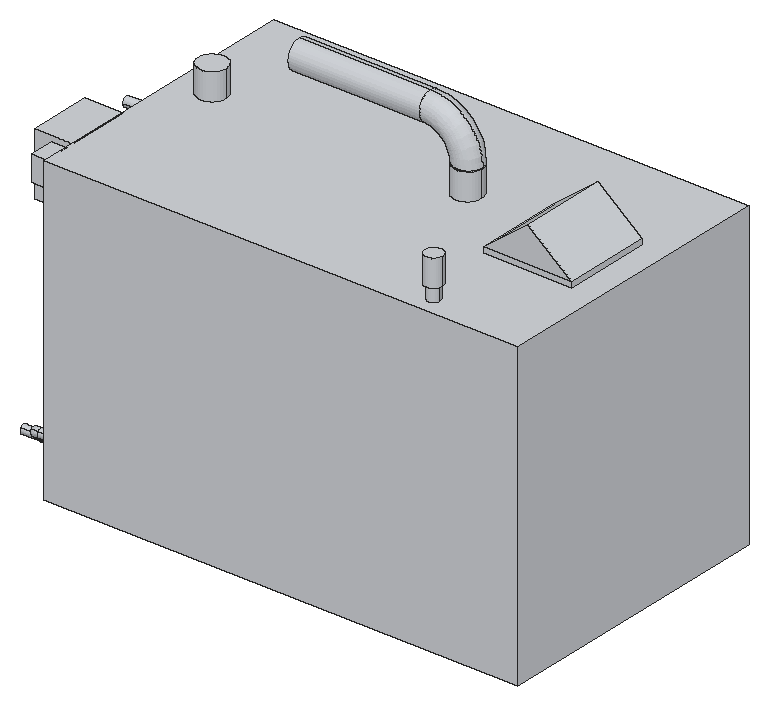
Revit family "AMP_BFIT 2500-3000 Water Heater 1", category Mechanical Equipment, Revit 2021
Family settings
  Round Connector Dimension = Use Diameter
  Part Type = Normal
  OmniClass Number = 23.75.00.00
  OmniClass Title = Climate Control (HVAC)
  Work Plane-Based = No
  Always vertical = Yes
  Cut with Voids When Loaded = No
  Shared = No
  Room Calculation Point = No
Parameters (values of type "AMP/BFIT 2500-3000 Water Heater")
  Width = 46"
  Length = 75 5/8"
  Height = 48 3/8"
  Voltage = ""
  Vent = "10\" EZ Vent"
  Manufacturer = "Bryan Steam"  # constant formula
  Hydronic Supply = "4\" Victaulic"
  Hydronic Return = "4\" Victaulic"
  Gas Train = "1-1/2\" NPT"
  Default Elevation = 0"
  Condensate Trap = "1\" Pipe"
  Boiler Drain = "3/4\" NPT"
  Air Supply = "10\""
Reference planes (in)
  plane 1 "Center (Front/Back)": y = 0
  plane 2: z = 0
  plane 3 "Center (Left/Right)": x = 0
  plane 4 "Vent": y = 3.809
  plane 5 "Condensate Trap": y = -18
  plane 6 "Supply 4" Victualic Elbow Style 10": x = 8.415
  plane 7 "3" Supply Manifold": z = 57.75
  plane 8 "3" Supply Elbow Victaulic Style 10": y = 3.809
  plane 9 "Condensate Height": z = 5.75
  plane 10 "Condensate Angle": through (0, -18, 5.75) normal (0, -0.6203, -0.7843)
Forms (in)
  Extrusion 1, solid
    sketch origin (0, 0, 0) x (1, 0, 0) y (0, 1, 0)
      loop
        line (-37.8125, 23) -> (-37.8125, -23) -> (37.8125, -23) -> (37.8125, 23) -> (-37.8125, 23)
    from 0 to 48.375
  Extrusion 2, solid
    sketch origin (0, 0, 48.375) x (1, 0, 0) y (0, 1, 0)
      loop
        line (19.5915, 7) -> (19.5915, -7) -> (33.6875, -7) -> (33.6875, 7) -> (19.5915, 7)
    from 0 to 0.85156
  Extrusion 3, solid
    sketch origin (33.6875, -7, 48.375) x (-1, 0, 0) y (0, 0, -1)
      loop
        line (14.096, -0.85156) -> (0, -0.85156) -> (7.048, -6.57727) -> (14.096, -0.85156)
    from 0 to -14
  Extrusion 4, solid
    sketch origin (0, 0, 48.375) x (1, 0, 0) y (0, 1, 0)
      loop
        circle (-32.3125, 3.75) r 2.25
      loop
        circle (8.4155, 3.75) r 2.25
    from 0 to 4.25
  Extrusion 5, solid
    sketch origin (-37.8125, -23, 0) x (0, 1, 0) y (0, 0, -1)
      loop
        circle (38.875, -11.125) r 4.866
      loop
        circle (38.875, -11.125) r 4.719
    from 0 to 6.375
  Extrusion 6, solid
    sketch origin (-37.8125, -23, 0) x (0, 1, 0) y (0, 0, -1)
      loop
        line (4.72, -48.187) -> (4.72, -44.187) -> (0.72, -44.187) -> (0.72, -48.187) -> (4.72, -48.187)
    from 0 to 2.48047
  Revolve 7, solid
    sketch origin (0, 3.75, 0) x (-1, 0, 0) y (0, 0, 1)
      loop
        line (45.9375, 30.188) -> (45.67425, 35.21111) -> (35.68795, 34.68775) -> (35.9512, 29.66464) -> (45.9375, 30.188)
      axis (35.9512, 29.66464) -> (45.9375, 30.188)
    angle from 0 to 360
  Extrusion 8, solid
    sketch origin (-37.8125, -23, 0) x (0, 1, 0) y (0, 0, -1)
      loop
        circle (26.75, -42.375) r 0.525
      loop
        circle (26.75, -42.375) r 0.412
    from 0 to 5.75
  Sweep 9, solid
    path origin (0, 3.809, 0) x (-1, 0, 0) y (0, 0, 1)
      loop
        line (-8.47964, 52.625) -> (-8.47964, 52.75)
        arc (-8.47964, 52.75) -> (-6.72229, 56.99264) -> (-2.47964, 58.75) r 6
        line (-2.47964, 58.75) -> (18.4375, 58.75)
    profile origin (6.72229, 3.809, 56.99264) x (0.707107, 0, 0.707107) y (0, 1, 0)
      loop
        circle (0, 0) r 2.25
  Extrusion 10, solid
    sketch origin (-37.8125, -23, 0) x (0, 1, 0) y (0, 0, -1)
      loop
        line (15.875, -48.3125) -> (15.875, -38.3125) -> (5.875, -38.3125) -> (5.875, -48.3125) -> (15.875, -48.3125)
    from 0 to 6.125
  Extrusion 11, solid
    sketch origin (0, 0, 48.375) x (1, 0, 0) y (0, 1, 0)
      loop
        circle (21.9375, -19.875) r 0.95
    from 0 to 2.25
  Extrusion 12, solid
    sketch origin (0, 0, 50.625) x (1, 0, 0) y (0, 1, 0)
      loop
        circle (21.9375, -19.875) r 1.375
    from 0 to 4.25
  Extrusion 13, solid
    sketch origin (-43.5625, -23, 0) x (0, 1, 0) y (0, 0, -1)
      loop
        circle (26.75, -42.375) r 0.75
    from 0 to 2.375
  Sweep 14, solid
    path origin (0, -9.52787, -0.95049) x (0, -0.784343, 0.620327) y (-1, 0, 0)
      loop
        line (10.80253, 37.8125) -> (10.80253, 42.25)
        arc (10.80253, 42.25) -> (10.36319, 43.31066) -> (9.30253, 43.75) r 1.5
        line (9.30253, 43.75) -> (6.42753, 43.75)
        arc (6.42753, 43.75) -> (5.36687, 44.18934) -> (4.92753, 45.25) r 1.5
        line (4.92753, 45.25) -> (4.92753, 48.6875)
    profile origin (-40.03125, -18.00076, 5.7506) x (0, 0.784343, -0.620327) y (0, -0.620327, -0.784343)
      loop
        circle (0, 0) r 0.6575
  Extrusion 15, solid
    sketch origin (-37.8125, -23, 0) x (0, 1, 0) y (0, 0, -1)
      loop
        line (44.6875, -16.9375) -> (44.6875, -5.3125) -> (33.0625, -5.3125) -> (33.0625, -16.9375) -> (44.6875, -16.9375)
    from 0 to 4.75
Lines and regions (in)
  model lines
    curve 1: circle (8.42114, 3.82669, 52.625) r 2 normal (0, 0, 1)
Dimensions and locks (in)
  "Height": Extrusion 1 to level
  equal spacing: Extrusion 1 sketch curve, plane 3 "Center (Left/Right)", Extrusion 1 sketch curve
  "Length": Extrusion 1 sketch curve to Extrusion 1 sketch curve
  equal spacing: Extrusion 1 sketch curve, plane 1 "Center (Front/Back)", Extrusion 1 sketch curve
  "Width": Extrusion 1 sketch curve to Extrusion 1 sketch curve
  locked: Extrusion 2 sketch curve to Extrusion 1 at 4.125
  locked: Extrusion 2 sketch curve to Extrusion 2 sketch curve at 14.096
  locked: Extrusion 2 sketch curve to Extrusion 2 sketch curve at 14
  locked: Extrusion 2 sketch curve to Extrusion 1 at 16
  locked: Extrusion 1 to Extrusion 4 sketch curve at 19.25  (x2)
  locked: Extrusion 1 to Extrusion 5 sketch curve at 11.125
  Extrusion 1 to Extrusion 5 sketch curve = 7 1/8"
  level to plane 7 "3" Supply Manifold" = 57 3/4"
  locked: plane 3 "Center (Left/Right)" to plane 6 "Supply 4" Victualic Elbow Style 10" at 8.415
  locked: plane 8 "3" Supply Elbow Victaulic Style 10" to plane 1 "Center (Front/Back)" at 3.809
  locked: plane 4 "Vent" to plane 1 "Center (Front/Back)" at 3.809
  locked: plane 5 "Condensate Trap" to plane 1 "Center (Front/Back)" at 18
  locked: Extrusion 6 sketch curve to Extrusion 6 sketch curve at 4  (x2)
  Extrusion 5 sketch curve to Extrusion 5 sketch curve = 0"  (x2)
  locked: Revolve 7 sketch curve to Revolve 7 sketch curve at 5.03
  Extrusion 1 to Extrusion 8 sketch curve = 42 3/8"
  equal spacing: Extrusion 1, Extrusion 8 sketch curve, Extrusion 8 sketch curve  (x2)
  locked: Extrusion 1 to Extrusion 8 sketch curve at 19.25
  locked: Extrusion 1 to Extrusion 4 sketch curve at 5.5
  locked: Extrusion 4 sketch curve to Extrusion 1 at 29.397
  locked: Extrusion 1 to Sweep 9 sketch curve at 19.375
  locked: Extrusion 1 to Sweep 9 sketch curve at 10.375
  locked: Extrusion 10 sketch curve to Extrusion 10 sketch curve at 10  (x2)
  locked: Extrusion 10 sketch curve to Extrusion 1 at 5.875
  locked: Extrusion 10 sketch curve to Extrusion 1 at 0.0625
  locked: Extrusion 1 to Extrusion 11 sketch curve at 3.125
  locked: Extrusion 11 sketch curve to Extrusion 1 at 15.875
  locked: Extrusion 1 to Extrusion 12 sketch curve at 3.125
  locked: Extrusion 12 sketch curve to Extrusion 1 at 15.875
  locked: Extrusion 1 to Extrusion 13 sketch curve at 6
  locked: Extrusion 1 to Extrusion 13 sketch curve at 19.25
  locked: plane 9 "Condensate Height" to level at 5.75
  locked: Sweep 14 sketch curve to Extrusion 10 at 5.9375
  locked: Sweep 14 sketch curve to Extrusion 10 at 10.875
  locked: Sweep 14 sketch curve to Sweep 14 sketch curve at 5.875
  locked: Extrusion 15 sketch curve to Extrusion 15 sketch curve at 11.625  (x2)
  locked: Extrusion 1 to Extrusion 15 sketch curve at 1.3125
  locked: Extrusion 15 sketch curve to Extrusion 1 at 5.3125
  diameter of Extrusion 11 sketch curve = 1.9"
  diameter of Extrusion 12 sketch curve = 2 3/4"
  diameter of Extrusion 13 sketch curve = 1 1/2"
  diameter of Sweep 9 sketch curve = 12"
  diameter of Sweep 14 sketch curve = 1.315"
  locked: plane 9 "Condensate Height" to plane 10 "Condensate Angle" (angle 38.34°)
  aligned and locked: level to plane 2
Automatic sketch dimensions
  Extrusion 3 sketch curve to Extrusion 2 = 0"  (x3)
  Extrusion 3 sketch curve to Extrusion 2 = 7.048"
  Extrusion 3 sketch curve to Extrusion 2 = 5.72571"
  Extrusion 5 sketch curve to Extrusion 5 sketch curve = 0"  (x2)
  Revolve 7 sketch curve to Revolve 7 sketch curve = 5.32404"
  Revolve 7 sketch curve to Revolve 7 sketch curve = 0"  (x2)
  Extrusion 1 to Extrusion 6 sketch curve = 0.188"
  Extrusion 6 sketch curve to Extrusion 1 = 0.72"
  Revolve 7 sketch curve to plane 3 "Center (Left/Right)" = 35.68795"
  Revolve 7 sketch curve to plane 7 "3" Supply Manifold" = 28.08536"
  Revolve 7 sketch curve to Revolve 7 sketch curve = 0.26325"
  Revolve 7 sketch curve to plane 7 "3" Supply Manifold" = 22.53889"
  Extrusion 8 sketch curve to Extrusion 8 sketch curve = 0"  (x2)
  Sweep 9 sketch curve to plane 8 "3" Supply Elbow Victaulic Style 10" = 0"
  Sweep 9 sketch curve to profile plane = 0"
  plane 3 "Center (Left/Right)" to Sweep 9 sketch curve = 2.47964"
  Sweep 9 sketch curve to Sweep 9 sketch curve = 1/8"
  Sweep 14 sketch curve to plane 3 "Center (Left/Right)" = 45 1/4"
  Sweep 14 sketch curve to Sweep 14 sketch curve = 1 1/2"
  Sweep 14 sketch curve to Sweep 14 sketch curve = 4 7/16"
  plane 10 "Condensate Angle" to Sweep 14 sketch curve = 0"
  Sweep 14 sketch curve to profile plane = 0"
  radius of Extrusion 5 sketch curve = 4.866"
  radius of Extrusion 5 sketch curve = 4.719"
  radius of Extrusion 8 sketch curve = 0.412"
  radius of Extrusion 8 sketch curve = 0.525"
  radius of Extrusion 4 sketch curve = 2 1/4"  (x2)
  radius of curve 1 = 2"
  radius of Sweep 9 sketch curve = 2 1/4"
Connectors (in)
  piping at (-32.3125, 3.75, 52.625), diameter 4
    settings: on Extrusion 4, index 2, connector inside diameter 24", connector length 0", flow factor 0, pipe flow 0 GPM, pressure drop 0.00 psi, fitting loss kfactor 0, connector angle 0.00°, fixture units 0, engagement length 0", angle of deflection 0.00°, flow configuration 0, flow direction 1, fitting loss method 0, system type 8, joint type 0, gender type 0, connector reference index -1, connector utility 0, adjustable connector no, is connector primary yes, connector description ""
  piping at (-44.1875, 15.875, 11.125), diameter 10
    settings: on Extrusion 5, index 4, connector inside diameter 24", connector length 0", flow factor 0, pipe flow 0 GPM, pressure drop 0.00 psi, fitting loss kfactor 0, connector angle 0.00°, fixture units 0, engagement length 0", angle of deflection 0.00°, flow configuration 0, flow direction 1, fitting loss method 0, system type 22, joint type 0, gender type 0, connector reference index -1, connector utility 0, adjustable connector no, is connector primary no, connector description ""
  piping at (-18.4375, 3.809, 58.75), diameter 4
    settings: on Sweep 9, index 7, connector inside diameter 24", connector length 0", flow factor 0, pipe flow 0 GPM, pressure drop 0.00 psi, fitting loss kfactor 0, connector angle 0.00°, fixture units 0, engagement length 0", angle of deflection 0.00°, flow configuration 0, flow direction 2, fitting loss method 0, system type 7, joint type 0, gender type 0, connector reference index -1, connector utility 0, adjustable connector no, is connector primary no, connector description ""
  piping at (-45.9375, 3.75, 30.188), diameter 10
    settings: on Revolve 7, index 9, connector inside diameter 24", connector length 0", flow factor 0, pipe flow 0 GPM, pressure drop 0.00 psi, fitting loss kfactor 0, connector angle 0.00°, fixture units 0, engagement length 0", angle of deflection 0.00°, flow configuration 0, flow direction 2, fitting loss method 0, system type 17, joint type 0, gender type 0, connector reference index -1, connector utility 0, adjustable connector no, is connector primary no, connector description ""
  piping at (21.9375, -19.875, 54.875), diameter 1.5
    settings: on Extrusion 12, index 10, connector inside diameter 24", connector length 0", flow factor 0, pipe flow 0 GPM, pressure drop 0.00 psi, fitting loss kfactor 0, connector angle 0.00°, fixture units 0, engagement length 0", angle of deflection 0.00°, flow configuration 0, flow direction 1, fitting loss method 0, system type 22, joint type 0, gender type 0, connector reference index -1, connector utility 0, adjustable connector no, is connector primary no, connector description ""
  piping at (-45.9375, 3.75, 42.375), diameter 0.75
    settings: on Extrusion 13, index 11, connector inside diameter 24", connector length 0", flow factor 0, pipe flow 0 GPM, pressure drop 0.00 psi, fitting loss kfactor 0, connector angle 0.00°, fixture units 0, engagement length 0", angle of deflection 0.00°, flow configuration 0, flow direction 2, fitting loss method 0, system type 22, joint type 0, gender type 0, connector reference index -1, connector utility 0, adjustable connector no, is connector primary no, connector description ""
  piping at (-48.6875, -13.39275, 2.10618), diameter 1
    settings: on Sweep 14, index 12, connector inside diameter 24", connector length 0", flow factor 0, pipe flow 0 GPM, pressure drop 0.00 psi, fitting loss kfactor 0, connector angle 0.00°, fixture units 0, engagement length 0", angle of deflection 0.00°, flow configuration 0, flow direction 2, fitting loss method 0, system type 22, joint type 0, gender type 0, connector reference index -1, connector utility 0, adjustable connector no, is connector primary no, connector description ""
